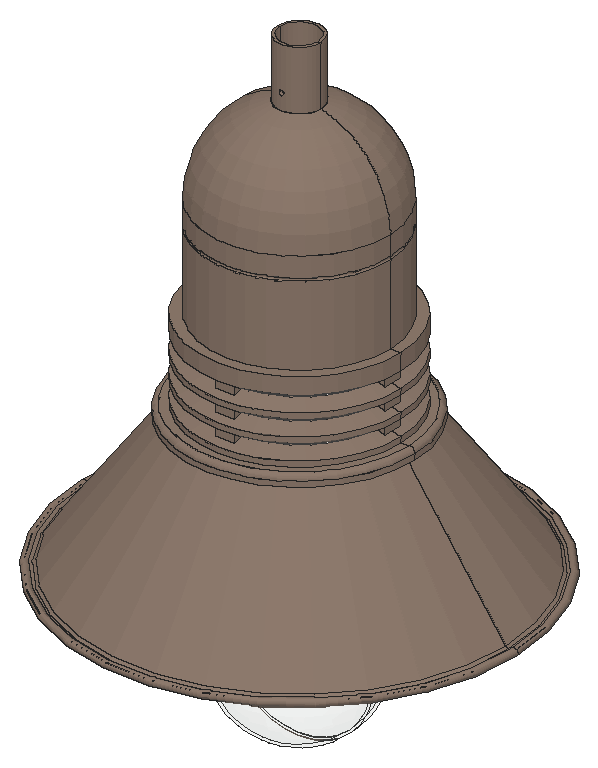
Revit family "BVA09-PDLC", category Generic Models, Revit 2014
Parameters
  REFLECTIVE WHITE = Metal, Powder Coated, White
  GLASS = Glass
  BELL = Bronze, Architectural
Reference planes (in)
  plane 1 "Center (Front/Back)": y = 0
  plane 2: z = 0
  plane 3 "Center (Left/Right)": x = 0
Forms (in)
  Revolve 1, solid, material "Bronze, Architectural" <- "BELL"
    sketch origin (0.00069, 0, -0.00547) x (1, 0, 0) y (0, 0, 1)
      loop
        line (-1.00991, 22.36504) -> (-1.00991, 19.61504) -> (-0.88491, 19.61504) -> (-0.88491, 22.36504) -> (-1.00991, 22.36504)
      axis (0, 22.36504) -> (0, 19.61504)
    angle from 0 to 360
  Revolve 2, solid, material "Bronze, Architectural" <- "BELL"
    sketch origin (0.00069, 0, -0.00547) x (1, 0, 0) y (0, 0, 1)
      loop
        line (-0.69991, 19.61504) -> (-1.05259, 19.61504)
        arc (-1.05259, 19.61504) -> (-3.35001, 18.10258) -> (-4.24009, 15.5) r 4.25
        line (-4.24009, 15.5) -> (-4.24009, 14.5625)
        arc (-4.24009, 14.5625) -> (-4.20152, 14.5) -> (-4.24009, 14.4375) r 0.06992
        line (-4.24009, 14.4375) -> (-4.24009, 10.75) -> (-4.74009, 10.75) -> (-4.74009, 10) -> (-4.11509, 10) -> (-4.11509, 14.3836)
        arc (-4.11509, 14.3836) -> (-4.07652, 14.5) -> (-4.11509, 14.6164) r 0.19492
        line (-4.11509, 14.6164) -> (-4.11509, 15.5)
        arc (-4.11509, 15.5) -> (-3.25601, 18.0198) -> (-1.03659, 19.49004) r 4.125
        line (-1.03659, 19.49004) -> (-0.69991, 19.49004) -> (-0.69991, 19.61504)
      axis (0, 19.61504) -> (0, 10)
    angle from 0 to 360
  Revolve 3, solid, material "Bronze, Architectural" <- "BELL"
    sketch origin (0.00069, 0, -0.00547) x (1, 0, 0) y (0, 0, 1)
      loop
        line (-3.99009, 6.5) -> (-4.86366, 6.5)
        arc (-4.86366, 6.5) -> (-4.97648, 6.47309) -> (-5.06502, 6.39816) r 0.25
        line (-5.06502, 6.39816) -> (-9.58625, 0.25359)
        arc (-9.58625, 0.25359) -> (-9.64352, 0.19644) -> (-9.71104, 0.15185) r 0.40382
        arc (-9.71104, 0.15185) -> (-9.84729, 0.10616) -> (-9.99009, 0.09) r 0.6827
        arc (-9.99009, 0.09) -> (-10.02155, 0.14126) -> (-9.96154, 0.14524) r 0.03513
        line (-9.96154, 0.14524) -> (-9.85905, 0.21681)
        arc (-9.85905, 0.21681) -> (-10.1326, 0.19865) -> (-9.98919, -0.035) r 0.16013
        arc (-9.98919, -0.035) -> (-9.81863, -0.01552) -> (-9.65604, 0.03956) r 0.8077
        arc (-9.65604, 0.03956) -> (-9.56454, 0.09955) -> (-9.48735, 0.17708) r 0.52882
        line (-9.48735, 0.17708) -> (-4.96434, 6.32408)
        arc (-4.96434, 6.32408) -> (-4.92007, 6.36155) -> (-4.86366, 6.375) r 0.125
        line (-4.86366, 6.375) -> (-3.99009, 6.375) -> (-3.99009, 6.5)
      axis (0, 6.5) -> (0, -0.035)
    angle from 0 to 360
  Revolve 4, solid, material "Bronze, Architectural" <- "BELL"
    sketch origin (0.00069, 0, -0.00547) x (1, 0, 0) y (0, 0, 1)
      loop
        arc (-5.11509, 7) -> (-5.29187, 6.92678) -> (-5.36509, 6.75) r 0.25
        line (-5.36509, 6.75) -> (-5.36509, 6.5) -> (-3.98978, 6.5) -> (-3.98978, 7) -> (-5.11509, 7)
      axis (0, 7) -> (0, 6.5)
    angle from 0 to 360
  Revolve 5, solid, material "Bronze, Architectural" <- "BELL"
    sketch origin (0.00069, 0, -0.00547) x (1, 0, 0) y (0, 0, 1)
      loop
        line (-3.99009, 9.5) -> (-4.74009, 9.25) -> (-4.74009, 9) -> (-4.61509, 9) -> (-4.61509, 9.15991) -> (-3.95056, 9.38141) -> (-3.95056, 9.5) -> (-3.99009, 9.5)
      loop
        line (-3.99009, 8.5) -> (-4.74009, 8.25) -> (-4.74009, 8) -> (-4.61509, 8) -> (-4.61509, 8.15991) -> (-3.95056, 8.38141) -> (-3.95056, 8.5) -> (-3.99009, 8.5)
      loop
        line (-3.99009, 7.5) -> (-4.74009, 7.25) -> (-4.74009, 7) -> (-4.61509, 7) -> (-4.61509, 7.15991) -> (-3.95056, 7.38141) -> (-3.95056, 7.5) -> (-3.99009, 7.5)
      axis (0, 9.5) -> (0, 7)
    angle from 0 to 360
  Extrusion 6, solid, material "Bronze, Architectural" <- "BELL"
    sketch origin (0.00069, 0, -0.00547) x (1, 0, 0) y (0, 0, 1)
      loop
        line (4.32241, 10) -> (4.00991, 10) -> (4.00991, 7) -> (4.32241, 7) -> (4.32241, 10)
    from -0.4375 to 0.4375
  Extrusion 7, solid, material "Bronze, Architectural" <- "BELL"
    sketch origin (0.00069, 0, -0.00547) x (-1, 0, 0) y (0, 0, 1)
      loop
        line (4.32241, 10) -> (4.00991, 10) -> (4.00991, 7) -> (4.32241, 7) -> (4.32241, 10)
    from -0.4375 to 0.4375
  Extrusion 8, solid, material "Bronze, Architectural" <- "BELL"
    sketch origin (0.00069, 0, -0.00547) x (0, -1, 0) y (0, 0, 1)
      loop
        line (4.32241, 10) -> (4.00991, 10) -> (4.00991, 7) -> (4.32241, 7) -> (4.32241, 10)
    from -0.4375 to 0.4375
  Extrusion 9, solid, material "Bronze, Architectural" <- "BELL"
    sketch origin (0.00069, 0, -0.00547) x (0, 1, 0) y (0, 0, 1)
      loop
        line (4.32241, 10) -> (4.00991, 10) -> (4.00991, 7) -> (4.32241, 7) -> (4.32241, 10)
    from -0.4375 to 0.4375
  Extrusion 10, void
    sketch origin (0.00069, 0, -0.00547) x (1, 0, 0) y (0, 0, 1)
      loop
        circle (0, 20.36504) r 0.12446
    from -1.04833 to 1.05599
  Revolve 11, solid, material "Glass" <- "GLASS"
    sketch origin (0.00069, 0, -0.00547) x (1, 0, 0) y (0, 0, 1)
      loop
        line (0, 10.91528) -> (-4.00991, 10.91528) -> (-4.00991, 7) -> (0, 7) -> (0, 10.91528)
      axis (0, 10.91528) -> (0, 7)
    angle from 0 to 360
  Revolve 12, solid, material "Metal, Powder Coated, White" <- "REFLECTIVE WHITE"
    sketch origin (-0.00017, 0, -0.00207) x (1, 0, 0) y (0, 0, 1)
      loop
        line (-5.32328, 4.30533) -> (-6.193, 4.30533)
        arc (-6.193, 4.30533) -> (-6.45286, 4.24875) -> (-6.66567, 4.08924) r 0.625
        line (-6.66567, 4.08924) -> (-9.53358, 0.20025)
        arc (-9.53358, 0.20025) -> (-9.56789, 0.16037) -> (-9.60777, 0.12606) r 0.35109
        line (-9.60777, 0.12606) -> (-9.43298, 0.12606) -> (-6.56812, 4.01092)
        arc (-6.56812, 4.01092) -> (-6.3988, 4.13601) -> (-6.193, 4.18033) r 0.5
        line (-6.193, 4.18033) -> (-5.32328, 4.18033) -> (-5.32328, 4.30533)
      axis (0, 0.12606) -> (0, 4.30533)
    angle from 0 to 360
  Revolve 13, solid, material "Metal, Powder Coated, White" <- "REFLECTIVE WHITE"
    sketch origin (-0.00017, 0, -0.00207) x (1, 0, 0) y (0, 0, 1)
      loop
        line (-3.84586, 4.18033) -> (-6.193, 4.18033) -> (-6.193, 4.05533) -> (-3.84586, 4.05533) -> (-3.84586, 4.18033)
      axis (0, 4.18033) -> (0, 4.05533)
    angle from 0 to 360
  Revolve 14, solid, material "Glass" <- "GLASS"
    sketch origin (-0.00017, 0, -0.00207) x (1, 0, 0) y (0, 0, 1)
      loop
        line (-4.37778, 4.30533) -> (-4.37778, 4.18033) -> (-3.84586, 4.18033) -> (-3.49926, -3.53916)
        arc (-3.49926, -3.53916) -> (-2.42051, -5.9129) -> (0, -6.88217) r 3.5
        line (0, -6.88217) -> (0, -6.75717)
        arc (0, -6.75717) -> (-2.33413, -5.82255) -> (-3.37438, -3.53355) r 3.375
        line (-3.37438, -3.53355) -> (-3.72635, 4.30533) -> (-4.37778, 4.30533)
      axis (0, 4.30533) -> (0, -6.88217)
    angle from 0 to 360
Cuts and joins
  Extrusion 10 cuts Revolve 1
Lines and regions (in)
  model lines
    curve 1: line (4.0106, 0, 9.99453) -> (4.0106, 0, 6.99453)
Dimensions and locks (in)
  aligned and locked: plane 2 to level
